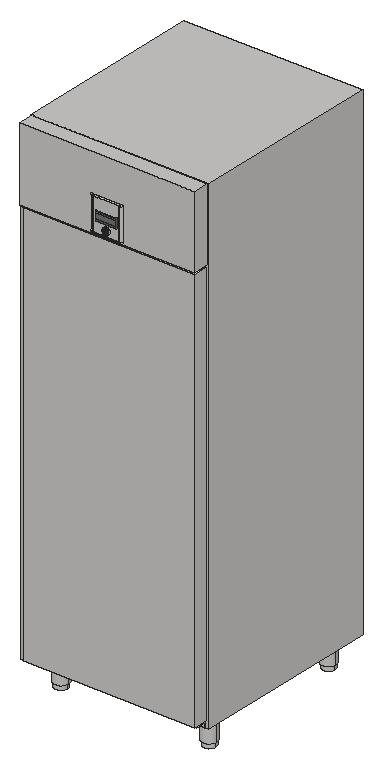
Revit family "QF_ELECTROLUXPROFESSIONAL_727993_REX71FFH", category Specialty Equipment, Revit 2018
Family settings
  Round Connector Dimension = Use Diameter
  Part Type = Normal
  Work Plane-Based = No
  Always vertical = Yes
  Cut with Voids When Loaded = No
  Shared = No
  Room Calculation Point = No
Parameters
  Weight = 106.00 kg
  Watts = 0 W
  Volts = 0 V
  URL Manufacturer = ""
  URL = ""
  Steam Supply Size = 0 mm
  Steam Supply Minimum Pressure = 0.0 Pa
  Steam Supply Maximum Pressure = 0.0 Pa
  Steam Pounds per Hour = 0
  Refrigeration Suction Line Size = 0 mm
  Refrigeration Liquid Line Size = 0 mm
  Refrigerant Compressor Remote = yes
  Manufacturer = ""
  Phase = 0
  Model = ""
  Length Actual = 710 mm  # constant formula
  Item Number = ""
  Hot Water Size = 0 mm
  Height Actual = 2050 mm  # constant formula
  HP = "0.7 HP"
  Gas Size = 0 mm
  Gas KW = 0
  Gas Input Pressure = 0 W
  Direct Waste Size = 0 mm
  Description = ""
  Depth Actual = 835 mm  # constant formula
  Cycle = 0 Hz
  Condensate Return Size = 0 mm
  Compressed Air Volume = 0.0 L/s
  Compressed Air Size = 0 mm
  Compressed Air Pressure = 0.0 Pa
  Cold Water Size = 0 mm
  Accessory = yes
Types (2, lengths in mm): name | Volts | URL Manufacturer | URL | Manufacturer | Phase | Model | Item Number | Description | Cycle
  (no name) | 0 V | "" | "" | "" | 0 | "" | "" | "" | 0 Hz
  QF_ELECTROLUX_727993_REX71FFH.rfa | 220 V | "http://professional.electrolux.com" | "http://professional.electrolux.com" | "Electrolux" | 1 | "REX71FFH" | "727993" | "1-DOOR FREEZER 670L -15/-20°C,DIGITAL WITH LIGHT-R290" | 60 Hz
Reference planes
  plane 1 "Center (Front/Back)": y = 0
  plane 2: z = 0
  plane 3 "Center (Left/Right)": x = 0
  plane 4 "BASE": z = 110
  plane 5 "TOP": z = 2050
  plane 6 "FRONT": y = -417.5
  plane 7 "BACK": y = 417.5
  plane 8 "LEFT": x = -355
  plane 9 "RIGHT": x = 355
Forms (mm)
  Extrusion 1, solid, material "QF_Finishes_Stainless Steel"
    sketch origin (0, 0, 0) x (1, 0, 0) y (0, 1, 0)
      loop
        circle (-278, 344.5) r 25
      loop
        circle (278, 344.5) r 25
      loop
        circle (-295, -269.5) r 25
      loop
        circle (295, -269.5) r 25
    from 0 to 20
  Extrusion 2, solid, material "QF_Finishes_Stainless Steel"
    sketch origin (0, 0, 0) x (1, 0, 0) y (0, 1, 0)
      loop
        circle (-278, 344.5) r 30
      loop
        circle (278, 344.5) r 30
      loop
        circle (295, -269.5) r 30
      loop
        circle (-295, -269.5) r 30
    from 20 to 110
  Extrusion 3, solid, material "QF_Finishes_Stainless Steel"
    sketch origin (0, 0, 110) x (-1, 0, 0) y (0, -1, 0)
      loop
        line (355, -417.5) -> (355, 345.5) -> (-355, 345.5) -> (-355, -417.5) -> (355, -417.5)
    from 0 to 1940
  Extrusion 4, solid
    sketch origin (0, 417.5, 1660) x (-1, 0, 0) y (0, 0, 1)
      loop
        circle (339, 124) r 10
    from 0 to 3.2
  Extrusion 5, solid, material "QF_Door-Drawer Clearances", detail levels coarse
    sketch origin (0, 0, 110) x (-1, 0, 0) y (0, -1, 0)
      loop
        line (-347, 409.5) -> (-283, 409.5) -> (-283, 1006.5) -> (-301, 1006.5) -> (-301, 1024.5) -> (-323, 1024.5) -> (-323, 1062.5) -> (-347, 1062.5) -> (-347, 409.5)
    from 1642.965 to 28
  Extrusion 6, solid, material "QF_Door-Drawer Clearances", detail levels coarse
    sketch origin (0, 0, 110) x (-1, 0, 0) y (0, -1, 0)
      loop
        line (-283, 409.5) -> (347, 409.5)
        arc (347, 409.5) -> (150.684, 878.295) -> (-323, 1062.5) r 650
        line (-323, 1062.5) -> (-323, 1024.5) -> (-301, 1024.5) -> (-301, 1006.5) -> (-283, 1006.5) -> (-283, 409.5)
    from 1642.965 to 28
  Extrusion 7, solid, material "QF_Clearances", detail levels coarse
    sketch origin (0, 0, 110) x (-1, 0, 0) y (0, -1, 0)
      loop
        line (355, 417.5) -> (355, -417.5) -> (-355, -417.5) -> (-355, 417.5) -> (-385, 417.5) -> (-385, -447.5) -> (385, -447.5) -> (385, 417.5) -> (355, 417.5)
    from -110 to 1940
  Extrusion 8, solid, material "QF_Clearances", detail levels coarse
    sketch origin (0, 0, 2050) x (-1, 0, 0) y (0, -1, 0)
      loop
        line (385, -447.5) -> (385, 417.5) -> (-385, 417.5) -> (-385, -447.5) -> (385, -447.5)
    from 0 to 500
  Extrusion 9, void
    sketch origin (0, 417.5, 0) x (-1, 0, 0) y (0, 0, 1)
      loop
        line (280, 1724.965) -> (-280, 1724.965) -> (-280, 180) -> (0, 170) -> (280, 179.676) -> (280, 1724.965)
    from -56 to -763
Cuts and joins
  joined: Extrusion 7, Extrusion 8
  Extrusion 9 cuts Extrusion 3
Lines and regions (mm)
  symbolic lines, style "SpecialityEquipmentHiddenLines"
    curve 1: line (347, -409.5, 110) -> (347, -1062.5, 110)
    curve 2: line (347, -1062.5, 110) -> (323, -1062.5, 110)
    curve 3: line (283, -409.5, 110) -> (283, -1006.5, 110)
    curve 4: line (323, -1062.5, 110) -> (323, -1024.5, 110)
    curve 5: line (323, -1024.5, 110) -> (301, -1024.5, 110)
    curve 6: line (301, -1024.5, 110) -> (301, -1006.5, 110)
    curve 7: line (301, -1006.5, 110) -> (283, -1006.5, 110)
    curve 8: arc (-347, -409.5, 110) -> (-150.684, -878.295, 110) -> (323, -1062.5, 110) r 650
  symbolic lines, style "QF_Clearances", detail levels coarse
    curve 9: line (-355, -417.5, 2050) -> (-385, -417.5, 2050)
    curve 10: line (-385, -417.5, 2050) -> (-385, 447.5, 2050)
    curve 11: line (-385, 447.5, 2050) -> (385, 447.5, 2050)
    curve 12: line (385, 447.5, 2050) -> (385, -417.5, 2050)
    curve 13: line (385, -417.5, 2050) -> (355, -417.5, 2050)
Dimensions and locks
  equal spacing: plane 7 "BACK", plane 1 "Center (Front/Back)", plane 6 "FRONT"
  equal spacing: plane 8 "LEFT", plane 3 "Center (Left/Right)", plane 9 "RIGHT"
  plane 8 "LEFT" to plane 9 "RIGHT" = 710 mm
  plane 7 "BACK" to plane 6 "FRONT" = 835 mm
  plane 5 "TOP" to plane 2 = 2050 mm
  aligned and locked: level to plane 2
Automatic sketch dimensions
  Extrusion 3 sketch curve to plane 7 "BACK" = 0 mm
  Extrusion 3 sketch curve to plane 9 "RIGHT" = 0 mm
  Extrusion 3 sketch curve to plane 8 "LEFT" = 0 mm
  plane 8 "LEFT" to Extrusion 4 sketch curve = 16 mm
  plane 4 "BASE" to Extrusion 4 sketch curve = 1674 mm
  plane 9 "RIGHT" to curve 1 = 8 mm
  curve 1 to curve 2 = 24 mm
  plane 6 "FRONT" to curve 8 = 4.692 mm
  curve 7 to plane 6 "FRONT" = 589 mm
  curve 6 to curve 5 = 18 mm
  curve 4 to curve 2 = 38 mm
  plane 6 "FRONT" to curve 8 = 8 mm
  plane 6 "FRONT" to curve 1 = 8 mm
  plane 6 "FRONT" to curve 3 = 8 mm
  plane 9 "RIGHT" to Extrusion 5 sketch curve = 8 mm
  Extrusion 5 sketch curve to plane 6 "FRONT" = 589 mm
  Extrusion 5 sketch curve to Extrusion 5 sketch curve = 18 mm
  Extrusion 5 sketch curve to Extrusion 5 sketch curve = 38 mm
  plane 6 "FRONT" to Extrusion 5 sketch curve = 8 mm
  plane 6 "FRONT" to Extrusion 6 sketch curve = 4.692 mm
  Extrusion 6 sketch curve to Extrusion 6 sketch curve = 18 mm  (x2)
  Extrusion 6 sketch curve to Extrusion 6 sketch curve = 38 mm
  plane 8 "LEFT" to Extrusion 6 sketch curve = 8 mm
  plane 6 "FRONT" to Extrusion 6 sketch curve = 8 mm
  Extrusion 7 sketch curve to plane 6 "FRONT" = 0 mm  (x2)
  Extrusion 7 sketch curve to plane 7 "BACK" = 0 mm
  Extrusion 7 sketch curve to plane 9 "RIGHT" = 0 mm
  Extrusion 7 sketch curve to plane 8 "LEFT" = 0 mm
  Extrusion 7 sketch curve to plane 9 "RIGHT" = 30 mm
  Extrusion 7 sketch curve to plane 8 "LEFT" = 30 mm
  plane 7 "BACK" to Extrusion 7 sketch curve = 30 mm
  Extrusion 8 sketch curve to plane 6 "FRONT" = 0 mm
  Extrusion 8 sketch curve to plane 9 "RIGHT" = 30 mm
  Extrusion 8 sketch curve to plane 8 "LEFT" = 30 mm
  plane 7 "BACK" to Extrusion 8 sketch curve = 30 mm
  curve 12 to plane 6 "FRONT" = 0 mm
  curve 13 to plane 9 "RIGHT" = 0 mm
  curve 9 to plane 6 "FRONT" = 0 mm
  curve 9 to plane 8 "LEFT" = 0 mm
  curve 11 to plane 9 "RIGHT" = 30 mm
  curve 9 to curve 10 = 30 mm
  plane 7 "BACK" to curve 11 = 30 mm
  plane 8 "LEFT" to Extrusion 1 sketch curve = 60 mm
  plane 8 "LEFT" to Extrusion 1 sketch curve = 77 mm
  plane 9 "RIGHT" to Extrusion 1 sketch curve = 77 mm
  plane 9 "RIGHT" to Extrusion 1 sketch curve = 60 mm
  plane 6 "FRONT" to Extrusion 1 sketch curve = 148 mm  (x2)
  Extrusion 1 sketch curve to plane 7 "BACK" = 73 mm  (x2)
  plane 8 "LEFT" to Extrusion 2 sketch curve = 60 mm
  plane 8 "LEFT" to Extrusion 2 sketch curve = 77 mm
  plane 9 "RIGHT" to Extrusion 2 sketch curve = 77 mm
  plane 9 "RIGHT" to Extrusion 2 sketch curve = 60 mm
  plane 6 "FRONT" to Extrusion 2 sketch curve = 148 mm  (x2)
  Extrusion 2 sketch curve to plane 7 "BACK" = 73 mm  (x2)
  plane 6 "FRONT" to Extrusion 3 sketch curve = 72 mm
  curve 1 to curve 8 = 44.008 mm
  curve 4 to curve 5 = 22 mm
  curve 6 to curve 3 = 18 mm
  plane 9 "RIGHT" to Extrusion 5 sketch curve = 32 mm
  Extrusion 5 sketch curve to Extrusion 5 sketch curve = 22 mm
  Extrusion 5 sketch curve to Extrusion 5 sketch curve = 64 mm
  plane 9 "RIGHT" to Extrusion 6 sketch curve = 72 mm
  Extrusion 6 sketch curve to Extrusion 6 sketch curve = 19.992 mm
  Extrusion 6 sketch curve to Extrusion 6 sketch curve = 22 mm
  Extrusion 9 sketch curve to plane 3 "Center (Left/Right)" = 0 mm
  plane 8 "LEFT" to Extrusion 9 sketch curve = 75 mm
  plane 4 "BASE" to Extrusion 9 sketch curve = 60 mm
  plane 4 "BASE" to Extrusion 9 sketch curve = 69.676 mm
  Extrusion 9 sketch curve to plane 5 "TOP" = 325.035 mm
  plane 9 "RIGHT" to Extrusion 9 sketch curve = 75 mm
  Extrusion 9 sketch curve to Extrusion 9 sketch curve = 0.324 mm
  radius of Extrusion 1 sketch curve = 25 mm  (x4)
  radius of Extrusion 2 sketch curve = 30 mm  (x4)
  radius of Extrusion 4 sketch curve = 10 mm
Nested families
  nested 1: "QF_727993_Door" at (0, -345.5, 968.365) x (1, 0, 0) z (0, -1, 0), type "QF_727993_Door"
    with Show Clearance yes
  nested 2: "Freezer" at (355, -417.5, 2050), type "Freezer"
Connectors
  electrical at (-339, 420.7, 1784), driven by "Volts"
    settings: on Extrusion 4, index 2, voltage 0 V, apparent load 0 VA, apparent load phase1 0 VA, apparent load phase2 0 VA, apparent load phase3 0 VA, power factor 1, load classification "Other", number of poles 1, system type 30, power factor state 1, is connector primary yes, connector utility no, sub classification motor no, connector description "Electrical Connection"
Definition of nested family "QF_727993_Door"
  Parameters
    Show Clearance [instance] = yes
    Model = "727993"
    Default Elevation = 1219.2 mm
  Reference planes
    plane 1 "Center (Front/Back)": y = 0
    plane 2: z = 0
    plane 3 "Center (Left/Right)": x = 0
  Forms (mm)
    Extrusion 1, solid
      sketch origin (0, -919.2, 0) x (1, 0, 0) y (0, 1, 0)
        loop
          line (-460, 2119.2) -> (-460, -162.846) -> (488.967, -162.846) -> (488.967, 2119.2) -> (-460, 2119.2)
      from 0 to -59.546
    Extrusion 2, solid
      sketch origin (0, 0, 0) x (1, 0, 0) y (0, 0, 1)
        loop
          line (-347, 64) -> (-347, 0) -> (347, 0) -> (347, 64) -> (-347, 64)
      from -1081.6 to -791.6
    Extrusion 3, solid
      sketch origin (0, 0, 0) x (1, 0, 0) y (0, 0, 1)
        loop
          line (-347, 60) -> (-347, 26) -> (-325, 26) -> (-325, 8) -> (-307, 8) -> (-307, 0) -> (339, 0) -> (339, 8) -> (347, 8) -> (347, 64) -> (-332, 64) -> (-347, 60)
      from -784.6 to 830.4
    Extrusion 4, solid
      sketch origin (119, -516.365, 0) x (0, 1, 0) y (0, 0, 1)
        loop
          line (-323.003, 40.312) -> (-316.501, 40.312) -> (-316.501, 42.812) -> (-325.503, 42.812) -> (-325.503, 2.5) -> (-342, 2.5) -> (-342, 0) -> (-323.003, 0) -> (-323.003, 12.259) -> (-323.003, 40.312)
        loop
          line (-314, 38.311) -> (-316.501, 38.311) -> (-316.501, 14.304) -> (-319.752, 14.304) -> (-319.752, 11.804) -> (-314, 11.804) -> (-314, 38.311)
      from 185 to 220
    Extrusion 5, solid
      sketch origin (119, 469.597, 0) x (0, 1, 0) y (0, 0, 1)
        loop
          line (315.003, 27.948) -> (315.003, 2.948) -> (315.003, 0) -> (322.003, 0) -> (322.003, 2.5) -> (317.503, 2.5) -> (317.503, 27.948) -> (315.003, 27.948)
      from 185 to 220
  Lines and regions (mm)
    symbolic lines
      curve 1: line (-347, 0, 64) -> (347, 0, 64)
      curve 2: line (-347, 0, 0) -> (-347, 0, 64)
      curve 3: line (347, 0, 0) -> (-347, 0, 0)
      curve 4: line (347, 0, 64) -> (347, 0, 0)
      curve 5: line (-347, 0, 26) -> (-325, 0, 26)
      curve 6: line (-325, 0, 26) -> (-325, 0, 8)
      curve 7: line (-325, 0, 8) -> (-307, 0, 8)
      curve 8: line (-307, 0, 8) -> (-307, 0, 0)
      curve 9: line (339, 0, 8) -> (347, 0, 8)
      curve 10: line (339, 0, 8) -> (339, 0, 0)
  Dimensions and locks
    aligned and locked: plane 2 to Extrusion 1
    aligned and locked: level to Extrusion 1
  Nested families
    nested 1: "QF_DisplayStandardCabinets" at (0, 863.6, 64), type "QF_DisplayStandardCabinets"
      with Show Clearance yes, Default Elevation 0 mm
  Definition of nested family "QF_DisplayStandardCabinets"
    Parameters
      Show Clearance [instance] = yes
      Model = "728658"
      Default Elevation = 1219.2 mm
    Reference planes
      plane 1 "Center (Front/Back)": y = 0
      plane 2: z = 0
      plane 3 "Center (Left/Right)": x = 0
    Forms (mm)
      Extrusion 1, solid
        sketch origin (0, -919.2, 0) x (1, 0, 0) y (0, 1, 0)
          loop
            line (-198.75, 1146.2) -> (-198.75, 709.567) -> (165.741, 709.567) -> (165.741, 1146.2) -> (-198.75, 1146.2)
        from 0 to -59.546
      Extrusion 2, solid
        sketch origin (-59, -44.611, 0) x (0, 1, 0) y (-1, 0, 0)
          loop
            circle (0.611, -59) r 14
        from 5 to 7
      Extrusion 3, solid
        sketch origin (744.635, 320.889, 0) x (0, 1, 0) y (-1, 0, 0)
          loop
            circle (-364.889, 744.635) r 10
          loop
            circle (-364.889, 744.635) r 9
        from 5 to 8
      Extrusion 4, solid
        sketch origin (744.635, 320.889, 0) x (0, 1, 0) y (-1, 0, 0)
          loop
            circle (-364.889, 744.635) r 8.7
        from 5 to 8
      Extrusion 5, void
        sketch origin (744.635, 320.889, 0) x (0, 1, 0) y (-1, 0, 0)
          loop
            line (-372.339, 745.885) -> (-372.339, 743.385) -> (-362.339, 743.385) -> (-362.339, 745.885) -> (-372.339, 745.885)
        from 8.592 to 6.269
      Blend 6, solid
        base sketch origin (365.719, -803.635, 0) x (1, 0, 0) y (0, 1, 0)
          loop
            arc (-424.229, 873.635) -> (-428.653, 871.803) -> (-430.485, 867.38) r 6.255
            line (-430.485, 867.38) -> (-430.485, 739.89)
            arc (-430.485, 739.89) -> (-428.653, 735.467) -> (-424.229, 733.635) r 6.255
            line (-424.229, 733.635) -> (-307.728, 733.635)
            arc (-307.728, 733.635) -> (-303.305, 735.467) -> (-301.473, 739.89) r 6.255
            line (-301.473, 739.89) -> (-301.473, 867.38)
            arc (-301.473, 867.38) -> (-303.305, 871.803) -> (-307.728, 873.635) r 6.255
            line (-307.728, 873.635) -> (-424.229, 873.635)
        top sketch origin (365.719, -803.635, 0) x (1, 0, 0) y (0, 1, 0)
          loop
            line (-418.756, 738.326) -> (-313.201, 738.326) -> (-313.201, 868.943) -> (-418.756, 868.943) -> (-418.756, 738.326)
        from 0 to 4
      Extrusion 7, solid
        sketch origin (744.635, 320.889, 0) x (0, 1, 0) y (-1, 0, 0)
          loop
            line (-372.339, 745.885) -> (-372.339, 743.385) -> (-362.339, 743.385) -> (-362.339, 745.885) -> (-372.339, 745.885)
        from 6 to 8
      Extrusion 8, void
        sketch origin (0, 0, 0) x (1, 0, 0) y (0, 1, 0)
          loop
            line (-53.037, 65.309) -> (-53.037, -65.309) -> (52.518, -65.309) -> (52.518, 65.309) -> (-53.037, 65.309)
        from 5 to 2
      Extrusion 9, solid
        sketch origin (0, 0, 0) x (1, 0, 0) y (0, 1, 0)
          loop
            line (-51.473, 63.745) -> (-51.473, -63.745) -> (50.954, -63.745) -> (50.954, 63.745) -> (-51.473, 63.745)
        from 2.2 to 4
      Extrusion 10, solid
        sketch origin (0, -30, 0) x (0, 1, 0) y (0, 0, 1)
          loop
            line (10.404, 4) -> (17.404, 4) -> (17.404, 8)
            arc (17.404, 8) -> (13.868, 7.749) -> (10.404, 7) r 25
            line (10.404, 7) -> (10.404, 4)
          loop
            arc (47.404, 7) -> (43.939, 7.749) -> (40.404, 8) r 25
            line (40.404, 8) -> (40.404, 4) -> (47.404, 4) -> (47.404, 7)
        from 40 to -40
      Extrusion 11, solid
        sketch origin (0, -30, 0) x (1, 0, 0) y (0, 1, 0)
          loop
            line (-40, 40.404) -> (-40, 17.404) -> (40, 17.404) -> (40, 40.404) -> (-40, 40.404)
        from 8 to 4
    Cuts and joins
      Extrusion 5 cuts Extrusion 4
      Extrusion 8 cuts Blend 6
      joined: Extrusion 10, Extrusion 11
    Lines and regions (mm)
      Split face 1
        outline origin (-41, 10.404, 8) x (-1, 0, 0) y (0, -1, 0)
          loop
            line (-72.157, 0.05) -> (-72.157, 10.5) -> (-78.157, 10.5) -> (-78.157, 0.05) -> (-72.157, 0.05)
      Split face 2
        outline origin (-50, 10.404, 8) x (-1, 0, 0) y (0, -1, 0)
          loop
            line (-72.157, 0.05) -> (-72.157, 10.5) -> (-78.157, 10.5) -> (-78.157, 0.05) -> (-72.157, 0.05)
      Split face 3
        outline origin (-50, 10.404, 8) x (-1, 0, 0) y (0, -1, 0)
          loop
            line (-72.157, 12.45) -> (-72.157, 22.9) -> (-78.157, 22.9) -> (-78.157, 12.45) -> (-72.157, 12.45)
      Split face 4
        outline origin (-50, 10.404, 8) x (-1, 0, 0) y (0, -1, 0)
          loop
            line (-81.157, 12.45) -> (-81.157, 22.9) -> (-87.157, 22.9) -> (-87.157, 12.45) -> (-81.157, 12.45)
      Split face 5
        outline origin (-50, 10.404, 8) x (-1, 0, 0) y (0, -1, 0)
          loop
            line (-13, 0.1) -> (-13, 22.9) -> (-69, 22.9) -> (-69, 0.1) -> (-13, 0.1)
      symbolic lines
        curve 1: line (52.518, 0, 4) -> (-53.037, 0, 4)
        curve 2: line (40, 0, 4) -> (40, 0, 8)
        curve 3: line (40, 0, 8) -> (-40, 0, 8)
        curve 4: line (-40, 0, 8) -> (-40, 0, 4)
        curve 5: line (-64.765, 0, 0) -> (-53.037, 0, 4)
        curve 6: line (52.518, 0, 4) -> (64.135, 0, 0)
    Dimensions and locks
      aligned and locked: plane 2 to Extrusion 1
      aligned and locked: level to Extrusion 1
Definition of nested family "Freezer"
  Reference planes
    plane 1 "Center (Front/Back)": y = 0
    plane 2: z = 0
    plane 3 "Center (Left/Right)": x = 0
  Lines and regions (mm)
    detail lines, in view "Ref. Level"
      curve 1: spline (-500, 190, 0) -> (-493.185, 166.706, 0) -> (-473.205, 145, 0) -> (-441.421, 126.36, 0) -> (-400, 112.058, 0) -> (-351.764, 103.067, 0) -> (-300, 100, 0) -> (-248.236, 103.067, 0) -> (-200, 112.058, 0) -> (-158.579, 126.36, 0) -> (-126.795, 145, 0) -> (-106.815, 166.706, 0) -> (-100, 190, 0) -> (-106.815, 213.294, 0) -> (-126.795, 235, 0) -> (-158.579, 253.64, 0) -> (-200, 267.942, 0) -> (-248.236, 276.933, 0) -> (-300, 280, 0) -> (-351.764, 276.933, 0) -> (-400, 267.942, 0) -> (-441.421, 253.64, 0) -> (-473.205, 235, 0) -> (-493.185, 213.294, 0) -> (-500, 190, 0)
      curve 2: line (-220, 130, 0) -> (-220, 250, 0)
      curve 3: line (-271.962, 220, 0) -> (-168.038, 160, 0)
      curve 4: line (-271.962, 160, 0) -> (-168.038, 220, 0)
      curve 5: line (-200.884, 246.873, 0) -> (-220, 225, 0)
      curve 6: line (-220, 225, 0) -> (-239.116, 246.873, 0)
      curve 7: line (-250.311, 207.5, 0) -> (-260, 235.883, 0)
      curve 8: line (-279.736, 201.7, 0) -> (-250.311, 207.5, 0)
      curve 9: line (-250.311, 172.5, 0) -> (-279.736, 178.3, 0)
      curve 10: line (-260, 144.117, 0) -> (-250.311, 172.5, 0)
      curve 11: line (-220, 155, 0) -> (-239.116, 133.127, 0)
      curve 12: line (-200.884, 133.127, 0) -> (-220, 155, 0)
      curve 13: line (-189.689, 172.5, 0) -> (-180.304, 145.008, 0)
      curve 14: line (-161.188, 178.118, 0) -> (-189.689, 172.5, 0)
      curve 15: line (-189.689, 207.5, 0) -> (-161.188, 201.882, 0)
      curve 16: line (-180.304, 234.992, 0) -> (-189.689, 207.5, 0)
      curve 17: line (-380, 130, 0) -> (-380, 250, 0)
      curve 18: line (-431.962, 220, 0) -> (-328.038, 160, 0)
      curve 19: line (-431.962, 160, 0) -> (-328.038, 220, 0)
      curve 20: line (-360.884, 246.873, 0) -> (-380, 225, 0)
      curve 21: line (-380, 225, 0) -> (-399.116, 246.873, 0)
      curve 22: line (-410.311, 207.5, 0) -> (-419.696, 234.992, 0)
      curve 23: line (-438.812, 201.882, 0) -> (-410.311, 207.5, 0)
      curve 24: line (-410.311, 172.5, 0) -> (-438.812, 178.118, 0)
      curve 25: line (-419.696, 145.008, 0) -> (-410.311, 172.5, 0)
      curve 26: line (-380, 155, 0) -> (-399.116, 133.127, 0)
      curve 27: line (-360.884, 133.127, 0) -> (-380, 155, 0)
      curve 28: line (-349.689, 172.5, 0) -> (-340, 144.117, 0)
      curve 29: line (-320.264, 178.3, 0) -> (-349.689, 172.5, 0)
      curve 30: line (-349.689, 207.5, 0) -> (-320.264, 201.7, 0)
      curve 31: line (-340, 235.883, 0) -> (-349.689, 207.5, 0)
